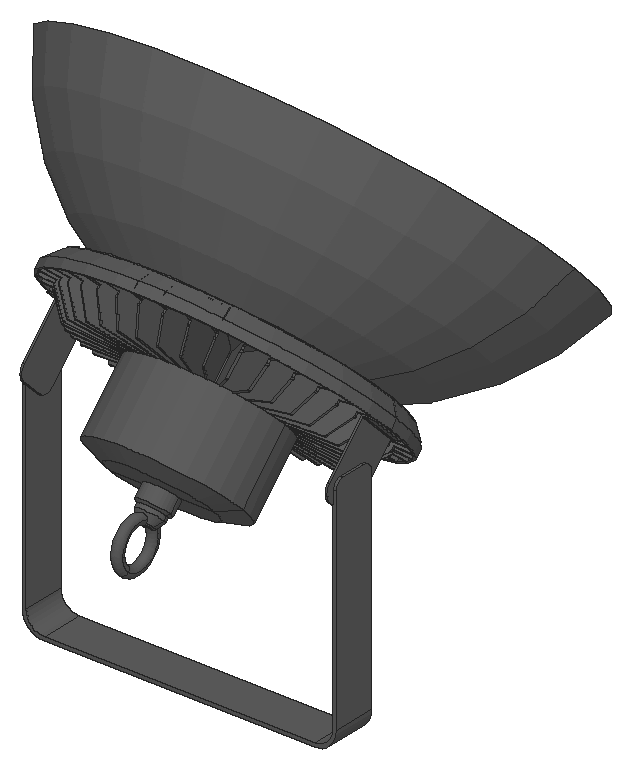
Revit family "0039344+0039353+0039357 Feilo Sylvania Lighting Fixture START HIGHBAY 4K 13KLM MEDIUM with BRACKET and ALU SHADE BLACK COLOR", category Lighting Fixtures, host Face, Revit 2017 (continued)
Definition of nested family "Start LED Highbay Head"
  Dimensions and locks
    "RHHeight3_FEILO": plane 31 to plane 33
    "RHHeight4_FEILO": plane 33 to plane 34
    "RHRadius3_FEILO": plane 3 "Center (Left/Right)" to plane 35
    "RHHeight1_FEILO": plane 28 to plane 30
    "EyeInner_FEILO": plane 34 to plane 36
    "EyeInner_FEILO": plane 36 to plane 37
    equal spacing: plane 38, plane 3 "Center (Left/Right)", plane 39
    "EyeThickness_FEILO": plane 38 to plane 39
    "EyeThickness_FEILO": plane 37 to plane 40
    equal spacing: plane 37, plane 41, plane 40
    equal spacing: plane 6, plane 42, plane 18
    "ThicknessBracket_FEILO": plane 45 to plane 6
    "ThicknessBracket_FEILO": plane 8 to plane 44
    locked: plane 43 to plane 18 at 1
    equal spacing: plane 24, plane 46, plane 26
    equal spacing: plane 47, plane 1 "Center (Front/Back)", plane 48
    "WidthBracket_FEILO": plane 47 to plane 48
    "WidthRingChamfer_FEILO": plane 50 to plane 49
    "ThicknessWall_FEILO": plane 51 to plane 49
    equal spacing: plane 50, plane 52, plane 51
    "ThicknessBracket_FEILO": plane 54 to plane 50
    locked: plane 53 to plane 51 at 1
    "Radius_FEILO": plane 49 to plane 3 "Center (Left/Right)"
    "ShadeRadiusOut_FEILO": plane 3 "Center (Left/Right)" to plane 55
    "ShadeHeight_FEILO": plane 56 to plane 4
    "ShadeRadiusIn_FEILO": plane 3 "Center (Left/Right)" to plane 57
    locked: plane 58 to plane 57 at 8
    "ShadeThickness_FEILO": plane 60 to plane 4
    "ShadeThickness_FEILO": plane 59 to plane 55
    "EyeThicknessHalf_FEILO": radius of curve 8
    "ThicknessBracket_FEILO": radius of Extrusion 7 sketch curve  (x2)
    "ThicknessBracketHalf_FEILO": radius of Extrusion 7 sketch curve  (x2)
    "ShadeRadiusBend_FEILO": radius of curve 9
    aligned and locked: plane 2 to Extrusion 1
    aligned and locked: level to Extrusion 1
    aligned and locked: plane 5 to curve 1
    aligned and locked: plane 6 to curve 1
    aligned and locked: plane 7 to curve 1
    aligned and locked: plane 10 to curve 2
    aligned and locked: plane 9 to curve 3
    aligned and locked: plane 4 to curve 3
    aligned and locked: plane 11 to curve 3
    aligned and locked: plane 4 to curve 4
    aligned and locked: plane 18 to curve 5
    aligned and locked: plane 10 to curve 5
    aligned and locked: Revolve 2 sketch curve to plane 3 "Center (Left/Right)"
    aligned and locked: Revolve 2 sketch curve to curve 3
    aligned and locked: Revolve 2 sketch curve to curve 1
    aligned and locked: plane 4 to Revolve 2 sketch curve
    aligned and locked: plane 9 to Revolve 2 sketch curve
    aligned and locked: Revolve 2 sketch curve to plane 13
    aligned and locked: Revolve 2 sketch curve to plane 10
    aligned and locked: plane 13 to Revolve 2 sketch curve
    aligned and locked: plane 10 to Revolve 2 sketch curve
    aligned and locked: Revolve 2 sketch curve to plane 18
    aligned and locked: Revolve 2 sketch curve to plane 8
    aligned and locked: plane 5 to Revolve 2 sketch curve  (x2)
    aligned and locked: Revolve 3 sketch curve to plane 3 "Center (Left/Right)"
    aligned and locked: plane 11 to Revolve 3 sketch curve
    aligned and locked: Revolve 3 sketch curve to curve 2
    aligned and locked: plane 15 to Revolve 3 sketch curve
    aligned and locked: Revolve 3 sketch curve to plane 16
    aligned and locked: plane 17 to Revolve 3 sketch curve  (x2)
    aligned and locked: Revolve 3 sketch curve to plane 12
    aligned and locked: plane 7 to Revolve 3 sketch curve
    aligned and locked: Revolve 4 sketch curve to plane 3 "Center (Left/Right)"
    aligned and locked: Revolve 4 sketch curve to plane 14
    aligned and locked: plane 3 "Center (Left/Right)" to Revolve 4 sketch curve
    aligned and locked: Revolve 4 sketch curve to plane 12
    aligned and locked: plane 15 to Revolve 4 sketch curve
    aligned and locked: Revolve 2 sketch curve to curve 5
    aligned and locked: plane 22 to curve 6
    aligned and locked: plane 21 to curve 6
    aligned and locked: plane 20 to curve 6
    aligned and locked: plane 19 to curve 6
    aligned and locked: plane 33 to curve 7
    aligned and locked: plane 32 to curve 7
    aligned and locked: plane 35 to curve 7
    aligned and locked: plane 34 to curve 7
    aligned and locked: Revolve 5 sketch curve to plane 3 "Center (Left/Right)"
    aligned and locked: Revolve 5 sketch curve to plane 25
    aligned and locked: plane 27 to Revolve 5 sketch curve
    aligned and locked: plane 28 to Revolve 5 sketch curve
    aligned and locked: plane 30 to Revolve 5 sketch curve
    aligned and locked: Revolve 5 sketch curve to plane 29
    aligned and locked: plane 31 to Revolve 5 sketch curve
    aligned and locked: Revolve 5 sketch curve to curve 7
    aligned and locked: Revolve 5 sketch curve to plane 32
    aligned and locked: plane 34 to Revolve 5 sketch curve
    aligned and locked: plane 3 "Center (Left/Right)" to Revolve 5 sketch curve
    aligned and locked: plane 3 "Center (Left/Right)" to curve 8
    aligned and locked: plane 41 to curve 8
    aligned and locked: Revolve 6 sketch curve to plane 36
    aligned and locked: Revolve 6 sketch curve to curve 8
    aligned and locked: plane 43 to Extrusion 7 sketch curve  (x2)
    aligned and locked: plane 8 to Extrusion 7 sketch curve  (x3)
    aligned and locked: Extrusion 7 sketch curve to plane 45
    aligned and locked: Extrusion 7 sketch curve to plane 46  (x2)
    aligned and locked: plane 6 to Extrusion 7 sketch curve
    aligned and locked: Extrusion 7 sketch curve to plane 44  (x2)
    aligned and locked: Extrusion 7 to plane 48
    aligned and locked: plane 47 to Extrusion 7
    aligned and locked: plane 53 to Extrusion 7 sketch curve
    aligned and locked: plane 50 to Extrusion 7 sketch curve
    aligned and locked: Extrusion 7 sketch curve to plane 54
    aligned and locked: Extrusion 8 sketch curve to Extrusion 8 sketch curve
    aligned and locked: Extrusion 8 to plane 6
    aligned and locked: Extrusion 8 to Extrusion 7
    aligned and locked: Revolve 5 sketch curve to plane 22
    aligned and locked: plane 23 to nested 1
    aligned and locked: plane 1 "Center (Front/Back)" to nested 1
    aligned and locked: Revolve 9 sketch curve to plane 3 "Center (Left/Right)"
    aligned and locked: Revolve 9 sketch curve to plane 4
    aligned and locked: plane 6 to Revolve 9 sketch curve
    aligned and locked: plane 4 to Revolve 9 sketch curve
    aligned and locked: plane 7 to Revolve 9 sketch curve
    aligned and locked: Revolve 9 sketch curve to plane 5
    aligned and locked: plane 8 to Revolve 9 sketch curve  (x2)
    aligned and locked: Revolve 9 sketch curve to plane 19
    aligned and locked: plane 20 to Revolve 9 sketch curve
    aligned and locked: plane 19 to Revolve 9 sketch curve
    aligned and locked: plane 21 to Revolve 9 sketch curve
    aligned and locked: plane 22 to Revolve 9 sketch curve  (x2)
    aligned and locked: Revolve 9 sketch curve to Revolve 9 sketch curve
    aligned and locked: imposter light to plane 4
    aligned and locked: plane 3 "Center (Left/Right)" to imposter light
    aligned and locked: imposter light to plane 1 "Center (Front/Back)"
    aligned and locked: plane 55 to curve 9
    aligned and locked: plane 56 to curve 9
    aligned and locked: plane 57 to curve 9
    aligned and locked: plane 4 to curve 9
    aligned and locked: Revolve 10 sketch curve to curve 9
    aligned and locked: plane 58 to Revolve 10 sketch curve
    aligned and locked: plane 57 to Revolve 10 sketch curve
    aligned and locked: plane 56 to Revolve 10 sketch curve  (x2)
    aligned and locked: Revolve 10 sketch curve to plane 58
    aligned and locked: plane 60 to Revolve 10 sketch curve
  Automatic sketch dimensions
    Extrusion 1 sketch curve to Extrusion 1 sketch curve = 2438.4 mm  (x2)
    Revolve 2 sketch curve to plane 6 = 0.299 mm
    plane 6 to Revolve 2 sketch curve = 0.459 mm
    Revolve 2 sketch curve to level = 609.6 mm
    Revolve 2 sketch curve to Revolve 2 sketch curve = 2312.223 mm
    Revolve 3 sketch curve to plane 12 = 0 mm
    Revolve 3 sketch curve to plane 3 "Center (Left/Right)" = 0 mm
    Revolve 3 sketch curve to level = 609.6 mm
    Revolve 3 sketch curve to plane 4 = 2339.058 mm
    Revolve 4 sketch curve to level = 609.6 mm
    Revolve 4 sketch curve to plane 4 = 2339.058 mm
    Revolve 6 sketch curve to plane 5 = 1080 mm
    plane 38 to Revolve 6 sketch curve = 1219.2 mm
    Extrusion 8 sketch curve to plane 47 = 0 mm
    plane 46 to Extrusion 8 sketch curve = 0 mm  (x2)
    Extrusion 8 sketch curve to plane 48 = 0 mm
    plane 47 to Extrusion 8 sketch curve = 5 mm
    plane 1 "Center (Front/Back)" to Extrusion 8 sketch curve = 10 mm
    Extrusion 8 sketch curve to Extrusion 8 sketch curve = 10 mm
    plane 46 to Extrusion 8 sketch curve = 5 mm
    Extrusion 8 sketch curve to Extrusion 8 sketch curve = 5 mm
    Extrusion 8 sketch curve to plane 48 = 5 mm
    Revolve 5 sketch curve to plane 26 = 0 mm
    Revolve 5 sketch curve to plane 35 = 0.437 mm
    plane 35 to Revolve 5 sketch curve = 0.847 mm
    Revolve 5 sketch curve to plane 34 = 0.726 mm
    plane 40 to Revolve 5 sketch curve = 590.2 mm
    Revolve 5 sketch curve to plane 4 = 2339.058 mm
    Revolve 9 sketch curve to level = 609.6 mm
    Revolve 9 sketch curve to Revolve 9 sketch curve = 2386.058 mm
    curve 2 to plane 3 "Center (Left/Right)" = 0 mm
    Revolve 10 sketch curve to Revolve 10 sketch curve = 0 mm  (x2)
    Revolve 10 sketch curve to plane 3 "Center (Left/Right)" = 0 mm
    plane 57 to Revolve 10 sketch curve = 0.659 mm
    Revolve 10 sketch curve to level = 609.6 mm
    Revolve 10 sketch curve to Revolve 10 sketch curve = 2068.248 mm
  Nested families
    nested 1: "Start Highbay Rib" at (0, 0, 67.775), type "Type Name", detail levels medium+fine
      with SuspensionHeight_FEILO 2.6 mm
    nested 2: "Start Highbay Rib" at (0, 0, 67.775) x (0.9877, 0.1564, 0) z (0, 0, 1), type "Type Name", detail levels medium+fine
      with SuspensionHeight_FEILO 2.6 mm
    nested 3: "Start Highbay Rib" at (0, 0, 67.775) x (0.9511, 0.309, 0) z (0, 0, 1), type "Type Name", detail levels medium+fine
      with SuspensionHeight_FEILO 2.6 mm
    nested 4: "Start Highbay Rib" at (0, 0, 67.775) x (0.891, 0.454, 0) z (0, 0, 1), type "Type Name", detail levels medium+fine
      with SuspensionHeight_FEILO 2.6 mm
    nested 5: "Start Highbay Rib" at (0, 0, 67.775) x (0.809, 0.5878, 0) z (0, 0, 1), type "Type Name", detail levels medium+fine
      with SuspensionHeight_FEILO 2.6 mm
    nested 6: "Start Highbay Rib" at (0, 0, 67.775) x (0.7071, 0.7071, 0) z (0, 0, 1), type "Type Name", detail levels medium+fine
      with SuspensionHeight_FEILO 2.6 mm
    nested 7: "Start Highbay Rib" at (0, 0, 67.775) x (0.5878, 0.809, 0) z (0, 0, 1), type "Type Name", detail levels medium+fine
      with SuspensionHeight_FEILO 2.6 mm
    nested 8: "Start Highbay Rib" at (0, 0, 67.775) x (0.454, 0.891, 0) z (0, 0, 1), type "Type Name", detail levels medium+fine
      with SuspensionHeight_FEILO 2.6 mm
    nested 9: "Start Highbay Rib" at (0, 0, 67.775) x (0.309, 0.9511, 0) z (0, 0, 1), type "Type Name", detail levels medium+fine
      with SuspensionHeight_FEILO 2.6 mm
    nested 10: "Start Highbay Rib" at (0, 0, 67.775) x (0.1564, 0.9877, 0) z (0, 0, 1), type "Type Name", detail levels medium+fine
      with SuspensionHeight_FEILO 2.6 mm
    nested 11: "Start Highbay Rib" at (0, 0, 67.775) x (0, 1, 0) z (0, 0, 1), type "Type Name", detail levels medium+fine
      with SuspensionHeight_FEILO 2.6 mm
    nested 12: "Start Highbay Rib" at (0, 0, 67.775) x (-0.1564, 0.9877, 0) z (0, 0, 1), type "Type Name", detail levels medium+fine
      with SuspensionHeight_FEILO 2.6 mm
    nested 13: "Start Highbay Rib" at (0, 0, 67.775) x (-0.309, 0.9511, 0) z (0, 0, 1), type "Type Name", detail levels medium+fine
      with SuspensionHeight_FEILO 2.6 mm
    nested 14: "Start Highbay Rib" at (0, 0, 67.775) x (-0.454, 0.891, 0) z (0, 0, 1), type "Type Name", detail levels medium+fine
      with SuspensionHeight_FEILO 2.6 mm
    nested 15: "Start Highbay Rib" at (0, 0, 67.775) x (-0.5878, 0.809, 0) z (0, 0, 1), type "Type Name", detail levels medium+fine
      with SuspensionHeight_FEILO 2.6 mm
    nested 16: "Start Highbay Rib" at (0, 0, 67.775) x (-0.7071, 0.7071, 0) z (0, 0, 1), type "Type Name", detail levels medium+fine
      with SuspensionHeight_FEILO 2.6 mm
    nested 17: "Start Highbay Rib" at (0, 0, 67.775) x (-0.809, 0.5878, 0) z (0, 0, 1), type "Type Name", detail levels medium+fine
      with SuspensionHeight_FEILO 2.6 mm
    nested 18: "Start Highbay Rib" at (0, 0, 67.775) x (-0.891, 0.454, 0) z (0, 0, 1), type "Type Name", detail levels medium+fine
      with SuspensionHeight_FEILO 2.6 mm
    nested 19: "Start Highbay Rib" at (0, 0, 67.775) x (-0.9511, 0.309, 0) z (0, 0, 1), type "Type Name", detail levels medium+fine
      with SuspensionHeight_FEILO 2.6 mm
    nested 20: "Start Highbay Rib" at (0, 0, 67.775) x (-0.9877, 0.1564, 0) z (0, 0, 1), type "Type Name", detail levels medium+fine
      with SuspensionHeight_FEILO 2.6 mm
    nested 21: "Start Highbay Rib" at (0, 0, 67.775) x (-1, 0, 0) z (0, 0, 1), type "Type Name", detail levels medium+fine
      with SuspensionHeight_FEILO 2.6 mm
    nested 22: "Start Highbay Rib" at (0, 0, 67.775) x (-0.9877, -0.1564, 0) z (0, 0, 1), type "Type Name", detail levels medium+fine
      with SuspensionHeight_FEILO 2.6 mm
    nested 23: "Start Highbay Rib" at (0, 0, 67.775) x (-0.9511, -0.309, 0) z (0, 0, 1), type "Type Name", detail levels medium+fine
      with SuspensionHeight_FEILO 2.6 mm
    nested 24: "Start Highbay Rib" at (0, 0, 67.775) x (-0.891, -0.454, 0) z (0, 0, 1), type "Type Name", detail levels medium+fine
      with SuspensionHeight_FEILO 2.6 mm
    nested 25: "Start Highbay Rib" at (0, 0, 67.775) x (-0.809, -0.5878, 0) z (0, 0, 1), type "Type Name", detail levels medium+fine
      with SuspensionHeight_FEILO 2.6 mm
    nested 26: "Start Highbay Rib" at (0, 0, 67.775) x (-0.7071, -0.7071, 0) z (0, 0, 1), type "Type Name", detail levels medium+fine
      with SuspensionHeight_FEILO 2.6 mm
    nested 27: "Start Highbay Rib" at (0, 0, 67.775) x (-0.5878, -0.809, 0) z (0, 0, 1), type "Type Name", detail levels medium+fine
      with SuspensionHeight_FEILO 2.6 mm
    nested 28: "Start Highbay Rib" at (0, 0, 67.775) x (-0.454, -0.891, 0) z (0, 0, 1), type "Type Name", detail levels medium+fine
      with SuspensionHeight_FEILO 2.6 mm
    nested 29: "Start Highbay Rib" at (0, 0, 67.775) x (-0.309, -0.9511, 0) z (0, 0, 1), type "Type Name", detail levels medium+fine
      with SuspensionHeight_FEILO 2.6 mm
    nested 30: "Start Highbay Rib" at (0, 0, 67.775) x (-0.1564, -0.9877, 0) z (0, 0, 1), type "Type Name", detail levels medium+fine
      with SuspensionHeight_FEILO 2.6 mm
    nested 31: "Start Highbay Rib" at (0, 0, 67.775) x (0, -1, 0) z (0, 0, 1), type "Type Name", detail levels medium+fine
      with SuspensionHeight_FEILO 2.6 mm
    nested 32: "Start Highbay Rib" at (0, 0, 67.775) x (0.1564, -0.9877, 0) z (0, 0, 1), type "Type Name", detail levels medium+fine
      with SuspensionHeight_FEILO 2.6 mm
    nested 33: "Start Highbay Rib" at (0, 0, 67.775) x (0.309, -0.9511, 0) z (0, 0, 1), type "Type Name", detail levels medium+fine
      with SuspensionHeight_FEILO 2.6 mm
    nested 34: "Start Highbay Rib" at (0, 0, 67.775) x (0.454, -0.891, 0) z (0, 0, 1), type "Type Name", detail levels medium+fine
      with SuspensionHeight_FEILO 2.6 mm
    nested 35: "Start Highbay Rib" at (0, 0, 67.775) x (0.5878, -0.809, 0) z (0, 0, 1), type "Type Name", detail levels medium+fine
      with SuspensionHeight_FEILO 2.6 mm
    nested 36: "Start Highbay Rib" at (0, 0, 67.775) x (0.7071, -0.7071, 0) z (0, 0, 1), type "Type Name", detail levels medium+fine
      with SuspensionHeight_FEILO 2.6 mm
    nested 37: "Start Highbay Rib" at (0, 0, 67.775) x (0.809, -0.5878, 0) z (0, 0, 1), type "Type Name", detail levels medium+fine
      with SuspensionHeight_FEILO 2.6 mm
    nested 38: "Start Highbay Rib" at (0, 0, 67.775) x (0.891, -0.454, 0) z (0, 0, 1), type "Type Name", detail levels medium+fine
      with SuspensionHeight_FEILO 2.6 mm
    nested 39: "Start Highbay Rib" at (0, 0, 67.775) x (0.9511, -0.309, 0) z (0, 0, 1), type "Type Name", detail levels medium+fine
      with SuspensionHeight_FEILO 2.6 mm
    nested 40: "Start Highbay Rib" at (0, 0, 67.775) x (0.9877, -0.1564, 0) z (0, 0, 1), type "Type Name", detail levels medium+fine
      with SuspensionHeight_FEILO 2.6 mm
  Definition of nested family "Start Highbay Rib"
    Parameters (values of type "Type Name")
      WidthStraight_FEILO = if(SizeS_FEILO, 3 mm, if(SizeM_FEILO, 4 mm, 4.7 mm))  # 3 mm
      WidthRingChamfer_FEILO = if(SizeS_FEILO, 10.3 mm, if(SizeM_FEILO, 11.2 mm, 12.9 mm))  # 10.3 mm
      WidthCurved_FEILO = if(SizeS_FEILO, 17.4 mm, if(SizeM_FEILO, 16.4 mm, 26.2 mm))  # 17.4 mm
      WidthCurvedRing_FEILO = if(SizeS_FEILO, 3 mm, if(SizeM_FEILO, 4 mm, 4.7 mm))  # 3 mm
      WidthBracket_FEILO = 40 mm
      URL = "http://www.feilosylvania.com"
      Type Image = (empty or 0)
      Type Comments = "n/a"
      ThicknessWall_FEILO = 1.5 mm
      ThicknessBracket_FEILO = 1.5 mm
      ThicknessBracketHalf_FEILO = ThicknessBracket_FEILO / 2  # 0.75 mm
      SuspensionHeight_FEILO [instance] = 2.6 mm
      SizeS_FEILO = yes
      SizeM_FEILO = no
      Rib4_FEILO = if(SizeS_FEILO, 18.1 mm, if(SizeM_FEILO, 13.6 mm, 14.6 mm))  # 18.1 mm
      Rib3_FEILO = if(SizeS_FEILO, 15.3 mm, if(SizeM_FEILO, 17.6 mm, 20.2 mm))  # 15.3 mm
      Rib2_FEILO = if(SizeS_FEILO, 3.6 mm, if(SizeM_FEILO, 3.9 mm, 4.5 mm))  # 3.6 mm
      Rib1_FEILO = if(SizeS_FEILO, 15.1 mm, if(SizeM_FEILO, 16.5 mm, 19 mm))  # 15.1 mm
      RadiusRib_FEILO = 2 mm
      RadiusDiffuser_FEILO = if(SizeS_FEILO, 95.2 mm, if(SizeM_FEILO, 105.3 mm, 120 mm))  # 95.2 mm
      RHRadius3_FEILO = if(SizeS_FEILO, 6.6 mm, if(SizeM_FEILO, 7.4 mm, 8.6 mm))  # 6.6 mm
      RHRadius2_FEILO = if(SizeS_FEILO, 11 mm, if(SizeM_FEILO, 12 mm, 14 mm))  # 11 mm
      RHRadius1_FEILO = if(SizeS_FEILO, 13.6 mm, if(SizeM_FEILO, 14.9 mm, 17.7 mm))  # 13.6 mm
      RHHeight4_FEILO = if(SizeS_FEILO, 7.3 mm, if(SizeM_FEILO, 8 mm, 9.2 mm))  # 7.3 mm
      RHHeight3_FEILO = if(SizeS_FEILO, 3.6 mm, if(SizeM_FEILO, 3.7 mm, 4.6 mm))  # 3.6 mm
      RHHeight2_FEILO = if(SizeS_FEILO, 2 mm, if(SizeM_FEILO, 2.2 mm, 2.6 mm))  # 2 mm
      RHHeight1_FEILO = if(SizeS_FEILO, 11.8 mm, if(SizeM_FEILO, 15.3 mm, 17.4 mm))  # 11.8 mm
      Material_3_FEILO = none
      Model = ""
      Manufacturer = "Feilo Sylvania"
      Keynote = "16500"
      HeightRing_FEILO = if(SizeS_FEILO, 19.8 mm, if(SizeM_FEILO, 32 mm, 36.8 mm))  # 19.8 mm
      HeightRingChamfer_FEILO = if(SizeS_FEILO, 11.7 mm, if(SizeM_FEILO, 23.2 mm, 26.6 mm))  # 11.7 mm
      EyeThickness_FEILO = if(SizeS_FEILO, 8.4 mm, if(SizeM_FEILO, 9.2 mm, 10.5 mm))  # 8.4 mm
      EyeThicknessHalf_FEILO = EyeThickness_FEILO / 2  # 4.2 mm
      EyeInner_FEILO = if(SizeS_FEILO, 13.8 mm, if(SizeM_FEILO, 15.1 mm, 17.3 mm))  # 13.8 mm
      DriverVerticalStraight_FEILO = if(SizeS_FEILO, 46.5 mm, if(SizeM_FEILO, 49.7 mm, 57 mm))  # 46.5 mm
      DriverVerticalChamfer_FEILO = if(SizeS_FEILO, 7.5 mm, if(SizeM_FEILO, 8.2 mm, 9.5 mm))  # 7.5 mm
      DriverRadius_FEILO = if(SizeS_FEILO, 61.4 mm, if(SizeM_FEILO, 67.2 mm, 76.4 mm))  # 61.4 mm
      DriverRadiusTop_FEILO = if(SizeS_FEILO, 42 mm, if(SizeM_FEILO, 45.3 mm, 52.4 mm))  # 42 mm
      DriverBottom_FEILO = if(SizeS_FEILO, 56 mm, if(SizeM_FEILO, 64.5 mm, 74 mm))  # 56 mm
      Material_2_FEILO = none
      Radius_FEILO = if(SizeS_FEILO, 135 mm, if(SizeM_FEILO, 148 mm, 169.5 mm))  # 135 mm
      Description = ""
      Default Elevation = 1219.2 mm
      Cost = 0
      Material_1_FEILO = none
      Assembly Code = "D5020200"
      Material_4_FEILO = none
    Reference planes
      plane 1 "Center (Front/Back)": y = 0
      plane 2: z = 0
      plane 3 "Center (Left/Right)": x = 0
      plane 4: z = 2.6
      plane 5: x = -135
      plane 6: x = -124.7
      plane 7: z = -9.1
      plane 8: z = -17.2
      plane 9: x = -121.7
      plane 10: z = -0.025
      plane 11: x = -104.3
      plane 12: x = -95.2
      plane 13: x = -118.7
      plane 14: z = 0.975
      plane 15: z = -1.025
      plane 16: x = -92.2
      plane 17: z = -2.025
      plane 18: x = -133.5
      plane 19: x = -119.9
      plane 20: z = -20.8
      plane 21: x = -104.6
      plane 22: z = -38.9
      plane 23: x = -20
      plane 24: z = -53.4
      plane 25: x = -61.4
      plane 26: z = -99.9
      plane 27: x = -42
      plane 28: z = -107.4
      plane 29: x = -13.6
      plane 30: z = -119.2
      plane 31: z = -121.2
      plane 32: x = -11
      plane 33: z = -124.8
      plane 34: z = -132.1
      plane 35: x = -6.6
      plane 36: z = -145.9
      plane 37: z = -159.7
      plane 38: x = 4.2
      plane 39: x = -4.2
      plane 40: z = -168.1
      plane 41: z = -163.9
      plane 42: x = -129.1
      plane 43: x = -132.5
      plane 44: z = -18.7
      plane 45: x = -123.2
      plane 46: z = -76.65
      plane 47: y = -20
      plane 48: y = 20
      plane 49: x = 135
      plane 50: x = 124.7
      plane 51: x = 133.5
      plane 52: x = 129.1
      plane 53: x = 132.5
      plane 54: x = 123.2
      plane 55: y = 0.75
      plane 56: y = -0.75
    Forms (mm)
      Extrusion 1, solid
        sketch origin (4.2, 0, 0) x (1, 0, 0) y (0, 1, 0)
          loop
            line (-1219.2, 1219.2) -> (-1219.2, -1219.2) -> (1219.2, -1219.2) -> (1219.2, 1219.2) -> (-1219.2, 1219.2)
        from 0 to -68.017
      Extrusion 2, solid, material <- "Material_1_FEILO"
        sketch origin (0, 0, 0) x (1, 0, 0) y (0, 0, 1)
          loop
            arc (-104.3, -0.025) -> (-111.555, 0.423) -> (-118.7, 1.76) r 58.981
            line (-118.7, 1.76) -> (-118.7, -0.025) -> (-125.012, -0.025) -> (-133.5, -9.666) -> (-133.5, -17.2) -> (-119.9, -17.2) -> (-119.9, -20.068)
            arc (-119.9, -20.068) -> (-119.778, -20.755) -> (-119.427, -21.359) r 2
            line (-119.427, -21.359) -> (-104.966, -38.467)
            arc (-104.966, -38.467) -> (-104.381, -38.789) -> (-103.723, -38.9) r 2
            line (-103.723, -38.9) -> (-20, -38.9) -> (-20, -9.1) -> (-95.2, -9.1) -> (-95.2, -2.025) -> (-104.3, -2.025) -> (-104.3, -0.025)
        from -0.75 to 0.75
    Lines and regions (mm)
      reference lines
        curve 1: line (-135, 0, -9.1) -> (-124.7, 0, 2.6)
        curve 2: line (-104.3, 0, -0.025) -> (0, 0, -0.025)
        curve 3: arc (-104.3, 0, -0.025) -> (-113.098, 0, 0.635) -> (-121.7, 0, 2.6) r 58.981
        curve 4: line (-124.7, 0, 2.6) -> (-121.7, 0, 2.6)
        curve 5: line (-125.012, 0, -0.025) -> (-133.5, 0, -9.666)
        curve 6: line (-119.9, 0, -20.8) -> (-104.6, 0, -38.9)
    Dimensions and locks
      "Radius_FEILO": plane 3 "Center (Left/Right)" to plane 5
      "WidthRingChamfer_FEILO": plane 6 to plane 5
      "WidthStraight_FEILO": plane 9 to plane 6
      "WidthCurvedRing_FEILO": plane 13 to plane 9
      locked: plane 10 to plane 15 at 1
      locked: plane 14 to plane 10 at 1
      locked: plane 4 to plane 10 at 2.625
      locked: plane 15 to plane 17 at 1
      "ThicknessWall_FEILO": plane 18 to plane 5
      "ThicknessWall_FEILO": curve 5 to curve 1
      "HeightRingChamfer_FEILO": plane 4 to plane 7
      "HeightRing_FEILO": plane 4 to plane 8
      "RadiusDiffuser_FEILO": plane 3 "Center (Left/Right)" to plane 12
      locked: plane 16 to plane 12 at 3
      "WidthCurved_FEILO": plane 11 to plane 9
      "SuspensionHeight_FEILO": plane 4 to plane 2
      "Rib1_FEILO": plane 19 to plane 5
      "Rib2_FEILO": plane 8 to plane 20
      "Rib3_FEILO": plane 21 to plane 19
      "Rib4_FEILO": plane 20 to plane 22
      locked: plane 3 "Center (Left/Right)" to plane 23 at 20
      "DriverBottom_FEILO": plane 4 to plane 24
      "DriverRadius_FEILO": plane 3 "Center (Left/Right)" to plane 25
      "DriverVerticalStraight_FEILO": plane 24 to plane 26
      "DriverRadiusTop_FEILO": plane 3 "Center (Left/Right)" to plane 27
      "DriverVerticalChamfer_FEILO": plane 26 to plane 28
      "RHRadius1_FEILO": plane 3 "Center (Left/Right)" to plane 29
      "RHHeight2_FEILO": plane 30 to plane 31
      "RHRadius2_FEILO": plane 3 "Center (Left/Right)" to plane 32
      "RHHeight3_FEILO": plane 31 to plane 33
      "RHHeight4_FEILO": plane 33 to plane 34
      "RHRadius3_FEILO": plane 3 "Center (Left/Right)" to plane 35
      "RHHeight1_FEILO": plane 28 to plane 30
      "EyeInner_FEILO": plane 34 to plane 36
      "EyeInner_FEILO": plane 36 to plane 37
      equal spacing: plane 38, plane 3 "Center (Left/Right)", plane 39
      "EyeThickness_FEILO": plane 38 to plane 39
      "EyeThickness_FEILO": plane 37 to plane 40
      equal spacing: plane 37, plane 41, plane 40
      equal spacing: plane 6, plane 42, plane 18
      "ThicknessBracket_FEILO": plane 45 to plane 6
      "ThicknessBracket_FEILO": plane 8 to plane 44
      locked: plane 43 to plane 18 at 1
      equal spacing: plane 24, plane 46, plane 26
      equal spacing: plane 47, plane 1 "Center (Front/Back)", plane 48
      "WidthBracket_FEILO": plane 47 to plane 48
      "WidthRingChamfer_FEILO": plane 50 to plane 49
      "ThicknessWall_FEILO": plane 51 to plane 49
      equal spacing: plane 50, plane 52, plane 51
      "ThicknessBracket_FEILO": plane 54 to plane 50
      locked: plane 53 to plane 51 at 1
      "Radius_FEILO": plane 49 to plane 3 "Center (Left/Right)"
      equal spacing: plane 56, plane 1 "Center (Front/Back)", plane 55
      "ThicknessWall_FEILO": plane 56 to plane 55
      "RadiusRib_FEILO": radius of Extrusion 2 sketch curve  (x2)
      aligned and locked: plane 2 to Extrusion 1
      aligned and locked: level to Extrusion 1
      aligned and locked: plane 5 to curve 1
      aligned and locked: plane 6 to curve 1
      aligned and locked: plane 7 to curve 1
      aligned and locked: plane 10 to curve 2
      aligned and locked: plane 9 to curve 3
      aligned and locked: plane 4 to curve 3
      aligned and locked: plane 11 to curve 3
      aligned and locked: plane 4 to curve 4
      aligned and locked: plane 18 to curve 5
      aligned and locked: plane 10 to curve 5
      aligned and locked: plane 22 to curve 6
      aligned and locked: plane 21 to curve 6
      aligned and locked: plane 20 to curve 6
      aligned and locked: plane 19 to curve 6
      aligned and locked: Extrusion 2 sketch curve to plane 23
      aligned and locked: Extrusion 2 sketch curve to plane 22
      aligned and locked: Extrusion 2 sketch curve to curve 6
      aligned and locked: plane 19 to Extrusion 2 sketch curve
      aligned and locked: Extrusion 2 sketch curve to plane 8
      aligned and locked: Extrusion 2 sketch curve to curve 5
      aligned and locked: Extrusion 2 sketch curve to curve 3
      aligned and locked: Extrusion 2 to plane 55
      aligned and locked: plane 56 to Extrusion 2
      aligned and locked: curve 6 to Extrusion 2 sketch curve
    Automatic sketch dimensions
      Extrusion 1 sketch curve to Extrusion 1 sketch curve = 2438.4 mm  (x2)
      curve 2 to plane 3 "Center (Left/Right)" = 0 mm
      Extrusion 2 sketch curve to plane 18 = 0 mm
      Extrusion 2 sketch curve to plane 10 = 0 mm
      Extrusion 2 sketch curve to plane 13 = 0 mm
      Extrusion 2 sketch curve to plane 7 = 0 mm
      Extrusion 2 sketch curve to plane 12 = 0 mm
      Extrusion 2 sketch curve to plane 17 = 0 mm
      plane 19 to Extrusion 2 sketch curve = 0.473 mm
      Extrusion 2 sketch curve to plane 21 = 0.366 mm
